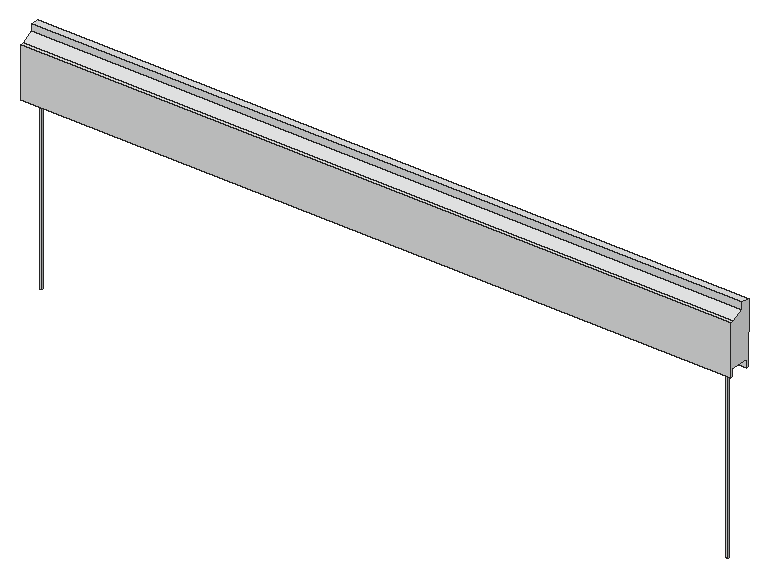
Revit family "Lighting-Suspended-Amerlux-Linea 1.5 ", category Lighting Fixtures, host Face, Revit 2014
Parameters (values of type "Linea 1.5"")
  Wattage = 9.2903 W
  built-in parameter 1150110 = 1 (stored number, unit not read)
  Voltage = 0 V
  URL = "http://www.amerlux.com/"
  built-in parameter 1114217 = 1 (stored number, unit not read)
  Tilt Angle = -90.00°
  built-in parameter 1150109 = 1 (stored number, unit not read)
  built-in parameter 1150134 = 3
  Suspension Length [instance] = 1' - 0"
  built-in parameter 1150113 = 1 (stored number, unit not read)
  Right Cable [instance] = yes
  Product Documentation Link = "http://www.amerlux.com/products/Lin15WW#"
  Power Factor = 1
  Photometric Web File = "generic"
  Number of Poles = 1
  built-in parameter 1150142 = (empty or 0)
  Model = "Lin 1.5 WW"
  Manufacturer = "Amerlux"
  built-in parameter 1150105 = 109.82 (stored number, unit not read)
  Lumens = 1380 lm
  built-in parameter 1150115 = 1 (stored number, unit not read)
  built-in parameter 1150137 = (empty or 0)
  built-in parameter 1150139 = (empty or 0)
  Length = 4' - 0"
  Left Cable [instance] = yes
  built-in parameter 1150112 = 1 (stored number, unit not read)
  built-in parameter 1150114 = 1 (stored number, unit not read)
  built-in parameter 1150132 = (empty or 0)
  built-in parameter 1150102 = (empty or 0)
  built-in parameter 1150107 = 3200 (stored number, unit not read)
  built-in parameter 1150138 = (empty or 0)
  built-in parameter 1150106 = 1.0982 (stored number, unit not read)
  Fixture Finish = Aluminum Finish
  Emit from Line Length = Length  # 4' - 0"
  built-in parameter 1150104 = 13.8 (stored number, unit not read)
  Dimming Lamp Color Temperature Shift = <None>
  Description = "Linear Wallwasher"
  Default Elevation = 4' - 0"
  Color Filter = 16777215
  built-in parameter 1114218 = 1 (stored number, unit not read)
  built-in parameter 1150133 = 10 (stored number, unit not read)
  Apparent Load = 0 VA
Reference planes (in)
  plane 1 "Center (Front/Back)": y = 0
  plane 2: z = 0
  plane 3 "Center (Left/Right)": x = 0
  plane 4: y = -0.75
  plane 5: y = 0.75
  plane 6: z = 12
  plane 7: x = -24
  plane 8: x = 24
Forms (in)
  Extrusion 1, solid, material "Aluminum Finish", visible <- "Right Cable"
    sketch origin (5.6875, 0, 0) x (1, 0, 0) y (0, 1, 0)
      loop
        circle (17.5, 0) r 0.06219
    from 0 to 12
  Extrusion 2, solid, material "Aluminum Finish" <- "Fixture Finish"
    sketch origin (0, 0, 0) x (0, 1, 0) y (0, 0, 1)
      loop
        line (0.22568, 15.61885) -> (0.22568, 15.17422) -> (-0.46313, 14.79241) -> (-0.75586, 14.79241) -> (-0.75586, 11.46671) -> (-0.65622, 11.46671) -> (-0.65622, 12) -> (0, 12) -> (0.65622, 12) -> (0.65622, 11.46671) -> (0.75586, 11.46671) -> (0.75586, 15.61885) -> (0.22568, 15.61885)
    from -24 to 24
  Extrusion 3, solid, material "Aluminum Finish", visible <- "Left Cable"
    sketch origin (-5.6875, 0, 0) x (-1, 0, 0) y (0, -1, 0)
      loop
        circle (17.5, 0) r 0.06219
    from 0 to 12
Dimensions and locks (in)
  "Suspension Length": plane 6 to host face
  equal spacing: plane 5, plane 1 "Center (Front/Back)", plane 4
  plane 5 to plane 4 = 0' - 1 1/2"
  equal spacing: plane 7, plane 3 "Center (Left/Right)", plane 8
  "Length": plane 7 to plane 8
  locked: Extrusion 1 to plane 8 at 0.75031
  locked: plane 7 to Extrusion 3 at 0.75031
  aligned and locked: plane 2 to host face
  aligned and locked: level to host face
  aligned and locked: Extrusion 1 to level
  aligned and locked: Extrusion 2 to plane 7
  aligned and locked: plane 8 to Extrusion 2
  aligned and locked: plane 6 to Extrusion 3
  aligned and locked: plane 6 to Extrusion 1
  aligned and locked: imposter light to Extrusion 2
Automatic sketch dimensions
  host sketch curve to host sketch curve = 8' - 0"  (x2)
  plane 1 "Center (Front/Back)" to Extrusion 1 sketch curve = 0' - 0"
  Extrusion 1 sketch curve to plane 8 = 0' - 0 13/16"
  Extrusion 2 sketch curve to plane 6 = 0' - 0"
  Extrusion 2 sketch curve to plane 1 "Center (Front/Back)" = 0' - 0"
  plane 4 to Extrusion 2 sketch curve = 0' - 0.09378"
  Extrusion 2 sketch curve to plane 4 = 0' - 0.00586"
  Extrusion 2 sketch curve to plane 1 "Center (Front/Back)" = 0' - 0.22568"
  Extrusion 2 sketch curve to plane 5 = 0' - 0.09378"
  plane 5 to Extrusion 2 sketch curve = 0' - 0.00586"
  Extrusion 2 sketch curve to Extrusion 2 sketch curve = 0' - 0.53329"
  Extrusion 2 sketch curve to plane 6 = 0' - 0.53329"
  plane 6 to Extrusion 2 sketch curve = 0' - 2.79241"
  Extrusion 2 sketch curve to Extrusion 2 sketch curve = 0' - 0.38181"
  Extrusion 2 sketch curve to Extrusion 2 sketch curve = 0' - 0.44463"
  plane 4 to Extrusion 2 sketch curve = 0' - 0.28687"
  plane 1 "Center (Front/Back)" to Extrusion 3 sketch curve = 0' - 0"
  Extrusion 3 sketch curve to plane 7 = 0' - 0 13/16"
  radius of Extrusion 1 sketch curve = 0' - 0.06219"
  radius of Extrusion 3 sketch curve = 0' - 0.06219"
